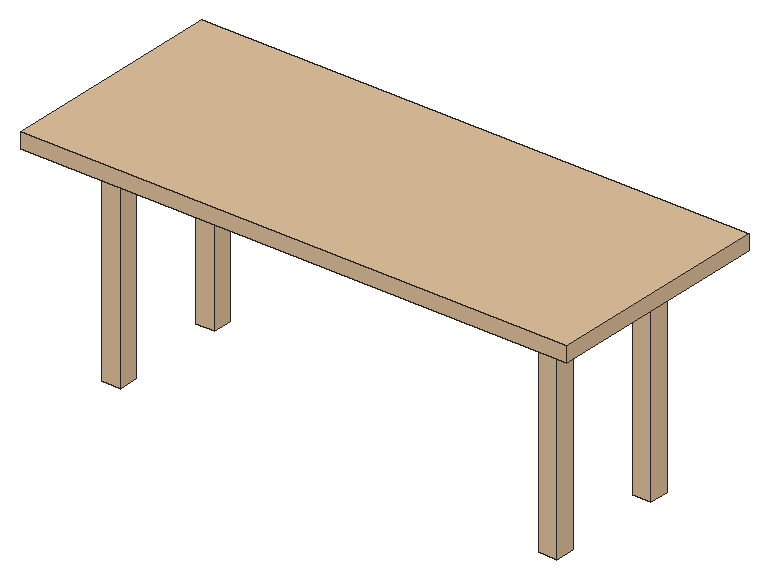
Revit family
Parameters (values of type "1830 x 0762mm")
  Base Material = Wood - Birch
  Height = 762.00 mm
  Length = 1830.00 mm
  Top Material = Wood - Birch
  Width = 762.00 mm
Types (4, lengths in mm): name | Length | Width
  (no name) | 1830.00 | 762.00
  1830 x 0762mm | 1830.00 | 762.00
  0915 x 0915mm | 915.00 | 915.00
  1525 x 1220mm | 1525.00 | 1220.00
Reference planes
  plane 1: y = 0
  plane 2: z = 0
  plane 3: x = 0
  plane 4: z = 762
  plane 5: y = 381
  plane 6: y = -381
  plane 7: x = 915
  plane 8: x = -915
Forms (mm)
  Extrusion 1, solid, material "Wood - Birch" <- "Base Material"
    sketch origin (-1112.692, -203.541, 0) x (1, 0, 0) y (0, 1, 0)
      loop
        line (350.092, 432.141) -> (350.092, 368.641) -> (413.592, 368.641) -> (413.592, 432.141) -> (350.092, 432.141)
      loop
        line (1875.292, 432.141) -> (1811.792, 432.141) -> (1811.792, 368.641) -> (1875.292, 368.641) -> (1875.292, 432.141)
      loop
        line (350.092, -25.059) -> (413.592, -25.059) -> (413.592, 38.441) -> (350.092, 38.441) -> (350.092, -25.059)
      loop
        line (1875.292, -25.059) -> (1875.292, 38.441) -> (1811.792, 38.441) -> (1811.792, -25.059) -> (1875.292, -25.059)
    from 0 to 711.2
  Extrusion 2, solid, material "Wood - Birch" <- "Top Material"
    sketch origin (-601.422, -263.73, 0) x (1, 0, 0) y (0, 1, 0)
      loop
        line (-313.578, 644.73) -> (-313.578, -117.27) -> (1516.422, -117.27) -> (1516.422, 644.73) -> (-313.578, 644.73)
    from 711.2 to 762
  Extrusion 3, solid, material "Wood - Birch" <- "Base Material"
    sketch origin (-1112.692, -203.541, 0) x (1, 0, 0) y (0, 1, 0)
      loop
        line (413.592, 394.041) -> (413.592, 368.641) -> (1811.792, 368.641) -> (1811.792, 394.041) -> (413.592, 394.041)
      loop
        line (413.592, 13.041) -> (1811.792, 13.041) -> (1811.792, 38.441) -> (413.592, 38.441) -> (413.592, 13.041)
      loop
        line (375.492, 38.441) -> (400.892, 38.441) -> (400.892, 368.641) -> (375.492, 368.641) -> (375.492, 38.441)
      loop
        line (1849.892, 38.441) -> (1849.892, 368.641) -> (1824.492, 368.641) -> (1824.492, 38.441) -> (1849.892, 38.441)
    from 609.6 to 711.2
Lines and regions (mm)
  Masking region 1
    outline origin (0, 0, 0) x (1, 0, 0) y (0, 1, 0)
      loop
        line (-915, 381) -> (-915, -381) -> (915, -381) -> (915, 381) -> (-915, 381)
Dimensions and locks
  equal spacing: Extrusion 3 sketch curve, plane 3, Extrusion 3 sketch curve  (x3)
  equal spacing: Extrusion 3 sketch curve, plane 1, Extrusion 3 sketch curve  (x2)
  locked: Extrusion 3 sketch curve to Extrusion 3 sketch curve at 25.4  (x4)
  locked: Extrusion 1 sketch curve to Extrusion 1 sketch curve at 63.5  (x4)
  equal spacing: Extrusion 1 sketch curve, plane 1, Extrusion 1 sketch curve
  equal spacing: Extrusion 1 sketch curve, plane 3, Extrusion 1 sketch curve
  Extrusion 3 sketch curve to Extrusion 2 = 177.80 mm
  Extrusion 2 to Extrusion 3 sketch curve = 190.50 mm
  locked: Extrusion 2 to Extrusion 1 sketch curve at 152.4  (x2)
  Extrusion 3 sketch curve to Extrusion 3 sketch curve = 38.10 mm  (x2)
  Extrusion 3 sketch curve to Extrusion 3 sketch curve = 25.40 mm
  "Height": plane 2 to plane 4
  locked: Extrusion 2 to Extrusion 2 at 50.8
  locked: Extrusion 3 to Extrusion 3 at 101.6
  "Length": plane 8 to plane 7
  equal spacing: plane 8, plane 3, plane 7
  "Width": plane 5 to plane 6
  equal spacing: plane 5, plane 1, plane 6
  aligned and locked: Extrusion 1 to level
  aligned and locked: Extrusion 1 sketch curve to Extrusion 1 sketch curve  (x9)
  aligned and locked: Extrusion 3 sketch curve to Extrusion 3 sketch curve  (x3)
  aligned and locked: Extrusion 2 to plane 4
  aligned and locked: Extrusion 3 to Extrusion 2
  aligned and locked: Extrusion 1 to Extrusion 2
  aligned and locked: Extrusion 2 sketch curve to plane 5
  aligned and locked: plane 8 to Extrusion 2 sketch curve
  aligned and locked: Extrusion 2 sketch curve to plane 6
  aligned and locked: plane 7 to Extrusion 2 sketch curve
  aligned and locked: plane 6 to Masking region 1 sketch curve
  aligned and locked: Masking region 1 sketch curve to plane 5
  aligned and locked: Masking region 1 sketch curve to plane 8
  aligned and locked: plane 7 to Masking region 1 sketch curve
